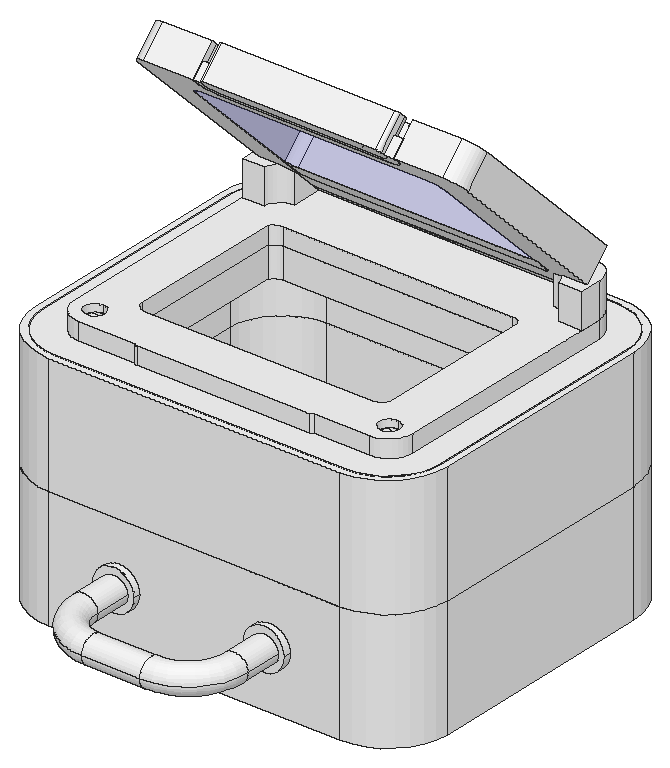
Revit family "Domotics-DomesticRanges-GEWISS-27COMBI_SYSTEM-IP55_FIXING_POST_BRACKET", category Apparecchi elettrici, host Superficie, Revit 2016 (continued)
Definition of nested family "SYSTEM CONTENITORI IP55 3P PALO_BASE"
  Forms (mm)
    Sweep 45, solid, material <- "SCATOLA", detail levels medium+fine
      path in 3D
        loop
          arc (-25.962, 64.422, 17.5) -> (-20.837, 76.796, 17.5) -> (-8.462, 81.922, 17.5) r 17.5
          line (-8.462, 81.922, 17.5) -> (8.538, 81.922, 17.5)
          arc (8.538, 81.922, 17.5) -> (20.912, 76.796, 17.5) -> (26.038, 64.422, 17.5) r 17.5
          line (26.038, 64.422, 17.5) -> (26.038, 52.5, 17.5)
      profile origin (26.038, 58.461, 17.5) x (1, 0, 0) y (0, 0, 1)
        loop
          circle (-4.038, 0) r 4.038
    Extrusion 46, solid, detail levels medium+fine
      sketch origin (0, 0, 0) x (1, 0, 0) y (0, 0, -1)
        loop
          circle (22, -17.5) r 6
      from -53.5 to -51.5
    Extrusion 47, solid, detail levels medium+fine
      sketch origin (0, 0, 0) x (-1, 0, 0) y (0, 0, 1)
        loop
          circle (22, 17.5) r 6
      from -53.5 to -51.5
    Sweep 48, solid, material <- "SCATOLA", detail levels medium+fine
      path in 3D
        loop
          line (-25.962, -52.5, 17.5) -> (-25.962, -64.422, 17.5)
          arc (-25.962, -64.422, 17.5) -> (-20.837, -76.796, 17.5) -> (-8.462, -81.922, 17.5) r 17.5
          line (-8.462, -81.922, 17.5) -> (8.538, -81.922, 17.5)
          arc (8.538, -81.922, 17.5) -> (20.912, -76.796, 17.5) -> (26.038, -64.422, 17.5) r 17.5
          line (26.038, -64.422, 17.5) -> (26.038, -52.5, 17.5)
      profile origin (26.038, -58.461, 17.5) x (-1, 0, 0) y (0, 0, 1)
        loop
          circle (4.038, 0) r 4.038
    Extrusion 49, solid, material <- "SCATOLA", detail levels coarse
      sketch origin (0, 0, 17.5) x (1, 0, 0) y (0, 1, 0)
        loop
          arc (42.5, -51.5) -> (54.874, -46.374) -> (60, -34) r 17.5
          line (60, -34) -> (60, 34)
          arc (60, 34) -> (54.874, 46.374) -> (42.5, 51.5) r 17.5
          line (42.5, 51.5) -> (-42.5, 51.5)
          arc (-42.5, 51.5) -> (-54.874, 46.374) -> (-60, 34) r 17.5
          line (-60, 34) -> (-60, -34)
          arc (-60, -34) -> (-54.874, -46.374) -> (-42.5, -51.5) r 17.5
          line (-42.5, -51.5) -> (42.5, -51.5)
      from -17.5 to 52.5
  Cuts and joins
    joined: Extrusion 1, Extrusion 2
  Lines and regions (mm)
    model lines, detail levels coarse
      curve 1: line (42.5, 51.5, 70) -> (-42.5, 51.5, 70)
      curve 2: line (-60, -34, 70) -> (-60, 34, 70)
      curve 3: arc (-42.5, 51.5, 70) -> (-54.874, 46.374, 70) -> (-60, 34, 70) r 17.5
      curve 4: arc (-60, -34, 70) -> (-54.874, -46.374, 70) -> (-42.5, -51.5, 70) r 17.5
      curve 5: line (42.5, -51.5, 70) -> (-42.5, -51.5, 70)
      curve 6: arc (42.5, -51.5, 70) -> (54.874, -46.374, 70) -> (60, -34, 70) r 17.5
      curve 7: line (60, -34, 70) -> (60, 34, 70)
      curve 8: arc (60, 34, 70) -> (54.874, 46.374, 70) -> (42.5, 51.5, 70) r 17.5
      curve 9: arc (56.306, 34.157, 70) -> (52.271, 43.898, 70) -> (42.529, 47.933, 70) r 13.777
      curve 10: line (42.529, 47.933, 70) -> (-42.496, 47.933, 70)
      curve 11: arc (-42.496, 47.933, 70) -> (-51.949, 44.221, 70) -> (-56.35, 35.067, 70) r 13.891
      curve 12: line (-56.35, -34, 70) -> (-56.35, 35.067, 70)
      curve 13: arc (-56.35, -34, 70) -> (-52.293, -43.793, 70) -> (-42.5, -47.85, 70) r 13.85
      curve 14: line (42.5, -47.85, 70) -> (-42.5, -47.85, 70)
      curve 15: arc (42.5, -47.85, 70) -> (52.675, -43.395, 70) -> (56.306, -32.898, 70) r 13.85
      curve 16: line (56.306, -32.898, 70) -> (56.306, 34.157, 70)
      curve 17: line (49.763, -33.831, 70) -> (49.763, 34.169, 70)
      curve 18: arc (49.763, 34.169, 70) -> (47.713, 39.118, 70) -> (42.763, 41.169, 70) r 7
      curve 19: line (-42.237, 41.169, 70) -> (42.763, 41.169, 70)
      curve 20: arc (-42.237, 41.169, 70) -> (-47.186, 39.118, 70) -> (-49.237, 34.169, 70) r 7
      curve 21: line (-49.237, -33.831, 70) -> (-49.237, 34.169, 70)
      curve 22: arc (-49.237, -33.831, 70) -> (-47.186, -38.781, 70) -> (-42.237, -40.831, 70) r 7
      curve 23: line (-42.237, -40.831, 70) -> (-25.898, -40.831, 70)
      curve 24: arc (-26.037, -40.324, 70) -> (-25.744, -41.031, 70) -> (-25.037, -41.324, 70) r 1
      curve 25: line (-25.037, -41.324, 70) -> (25.563, -41.324, 70)
      curve 26: arc (25.563, -41.324, 70) -> (26.271, -41.031, 70) -> (26.563, -40.324, 70) r 1
      curve 27: line (26.425, -40.831, 70) -> (42.763, -40.831, 70)
      curve 28: arc (42.763, -40.831, 70) -> (47.713, -38.781, 70) -> (49.763, -33.831, 70) r 7
      curve 29: line (26.563, -40.324, 70) -> (26.563, -38.165, 70)
      curve 30: arc (26.563, -38.165, 70) -> (25.685, -36.044, 70) -> (23.563, -35.165, 70) r 3
      curve 31: line (-23.037, -35.165, 70) -> (23.563, -35.165, 70)
      curve 32: arc (-23.037, -35.165, 70) -> (-25.158, -36.044, 70) -> (-26.037, -38.165, 70) r 3
      curve 33: line (-26.037, -40.324, 70) -> (-26.037, -38.165, 70)
      curve 34: circle (-17.337, -38.622, 70) r 1 normal (0, 0, 1)
      curve 35: circle (-8.537, -38.622, 70) r 1 normal (0, 0, 1)
      curve 36: circle (0.263, -38.622, 70) r 1 normal (0, 0, 1)
      curve 37: circle (9.063, -38.622, 70) r 1 normal (0, 0, 1)
      curve 38: circle (17.863, -38.622, 70) r 1 normal (0, 0, 1)
      curve 39: line (-38.5, -39.2, 70) -> (-29.037, -39.2, 70)
      curve 40: arc (-39.5, -38.2, 70) -> (-39.207, -38.907, 70) -> (-38.5, -39.2, 70) r 1
      curve 41: line (-39.5, -38.2, 70) -> (-39.5, -34.5, 70)
      curve 42: arc (-39.5, -34.5, 70) -> (-40.525, -32.025, 70) -> (-43, -31, 70) r 3.5
      curve 43: line (-43, -31, 70) -> (-46.7, -31, 70)
      curve 44: arc (-47.7, -30, 70) -> (-47.407, -30.707, 70) -> (-46.7, -31, 70) r 1
      curve 45: circle (-42.737, -34.331, 70) r 3 normal (0, 0, 1)
      curve 46: line (-44.019, -32.701, 70) -> (-41.455, -35.962, 70)
      curve 47: line (-44.459, -35.652, 70) -> (-41.014, -33.01, 70)
      curve 48: line (-47.7, -30, 70) -> (-47.7, 27.667, 70)
      curve 49: arc (-49.237, 27.637, 70) -> (-46.111, 27.71, 70) -> (-42.986, 27.836, 70) r 185.778
      curve 50: arc (-37.737, 32.513, 70) -> (-41.206, 31.123, 70) -> (-42.986, 27.836, 70) r 5.5
      curve 51: line (-37.737, 32.513, 70) -> (-37.737, 41.169, 70)
      curve 52: circle (-42.737, 34.669, 70) r 3 normal (0, 0, 1)
      curve 53: line (-43.287, 36.669, 70) -> (-42.187, 32.669, 70)
      curve 54: line (-44.837, 34.119, 70) -> (-40.637, 35.219, 70)
      curve 55: arc (38.063, 38.269, 70) -> (0.163, 39.169, 70) -> (-37.737, 38.268, 70) r 798.156
      curve 56: line (38.063, 32.217, 70) -> (38.063, 41.169, 70)
      curve 57: arc (43.264, 27.342, 70) -> (41.631, 30.811, 70) -> (38.063, 32.217, 70) r 5.2
      curve 58: arc (43.264, 27.342, 70) -> (46.513, 27.221, 70) -> (49.763, 27.16, 70) r 177.869
      curve 59: circle (43.263, 34.669, 70) r 3 normal (0, 0, 1)
      curve 60: line (44.578, 32.941, 70) -> (41.949, 36.396, 70)
      curve 61: line (41.628, 33.393, 70) -> (44.899, 35.944, 70)
      curve 62: line (47.7, -30, 70) -> (47.7, 27.192, 70)
      curve 63: arc (46.7, -31, 70) -> (47.407, -30.707, 70) -> (47.7, -30, 70) r 1
      curve 64: line (46.7, -31, 70) -> (43, -31, 70)
      curve 65: arc (43, -31, 70) -> (40.525, -32.025, 70) -> (39.5, -34.5, 70) r 3.5
      curve 66: line (39.5, -38.2, 70) -> (39.5, -34.5, 70)
      curve 67: arc (38.5, -39.2, 70) -> (39.207, -38.907, 70) -> (39.5, -38.2, 70) r 1
      curve 68: circle (43.263, -34.331, 70) r 3 normal (0, 0, 1)
      curve 69: line (42.713, -32.331, 70) -> (43.813, -36.331, 70)
      curve 70: line (41.163, -34.881, 70) -> (45.363, -33.781, 70)
      curve 71: line (38.5, -39.2, 70) -> (29.563, -39.2, 70)
      curve 72: line (-33.5, -27.831, 70) -> (33.5, -27.831, 70)
      curve 73: arc (-36.5, -24.831, 70) -> (-35.621, -26.953, 70) -> (-33.5, -27.831, 70) r 3
      curve 74: line (-36.5, -24.831, 70) -> (-36.5, 27.169, 70)
      curve 75: line (-34.65, 19.669, 70) -> (-34.65, -25.331, 70)
      curve 76: line (-34.65, -25.331, 70) -> (34.65, -25.331, 70)
      curve 77: line (36.5, -24.831, 70) -> (36.5, 27.169, 70)
      curve 78: arc (33.5, -27.831, 70) -> (35.621, -26.953, 70) -> (36.5, -24.831, 70) r 3
      curve 79: arc (36.5, 20.971, 70) -> (35.223, 22.215, 70) -> (33.5, 22.669, 70) r 3.5
      curve 80: line (34.65, 19.669, 70) -> (-34.65, 19.669, 70)
      curve 81: line (-33.5, 22.669, 70) -> (33.5, 22.669, 70)
      curve 82: arc (-33.5, 22.669, 70) -> (-35.223, 22.215, 70) -> (-36.5, 20.971, 70) r 3.5
      curve 83: arc (-33.5, 30.169, 70) -> (-35.621, 29.29, 70) -> (-36.5, 27.169, 70) r 3
      curve 84: line (-33.5, 30.169, 70) -> (33.5, 30.169, 70)
      curve 85: arc (36.5, 27.169, 70) -> (35.621, 29.29, 70) -> (33.5, 30.169, 70) r 3
      curve 86: line (-28, -52.5, 70) -> (-28, -51.5, 70)
      curve 87: line (-16, -52.5, 70) -> (-28, -52.5, 70)
      curve 88: line (-16, -51.5, 70) -> (-16, -52.5, 70)
      curve 89: line (16, -52.5, 70) -> (16, -51.5, 70)
      curve 90: line (28, -52.5, 70) -> (16, -52.5, 70)
      curve 91: line (28, -51.5, 70) -> (28, -52.5, 70)
      curve 92: line (-16.444, -65.422, 70) -> (-16.444, -52.5, 70)
      curve 93: arc (-16.444, -65.422, 70) -> (-16.152, -66.129, 70) -> (-15.444, -66.422, 70) r 1
      curve 94: line (15.52, -66.422, 70) -> (-15.444, -66.422, 70)
      curve 95: arc (15.52, -66.422, 70) -> (16.227, -66.129, 70) -> (16.52, -65.422, 70) r 1
      curve 96: line (16.52, -65.422, 70) -> (16.52, -52.5, 70)
      curve 97: line (26.038, -64.422, 70) -> (26.038, -52.5, 70)
      curve 98: arc (8.538, -81.922, 70) -> (20.912, -76.796, 70) -> (26.038, -64.422, 70) r 17.5
      curve 99: line (8.538, -81.922, 70) -> (-8.462, -81.922, 70)
      curve 100: circle (0.038, -74.922, 70) r 2 normal (0, 0, 1)
      curve 101: arc (-25.962, -64.422, 70) -> (-20.837, -76.796, 70) -> (-8.462, -81.922, 70) r 17.5
      curve 102: line (-25.962, -64.422, 70) -> (-25.962, -52.5, 70)
      curve 103: line (8.538, 81.922, 70) -> (-8.462, 81.922, 70)
      curve 104: arc (-8.462, 81.922, 70) -> (-20.837, 76.796, 70) -> (-25.962, 64.422, 70) r 17.5
      curve 105: arc (26.038, 64.422, 70) -> (20.912, 76.796, 70) -> (8.538, 81.922, 70) r 17.5
      curve 106: line (26.038, 64.422, 70) -> (26.038, 52.5, 70)
      curve 107: line (16.52, 65.422, 70) -> (16.52, 52.5, 70)
      curve 108: arc (16.52, 65.422, 70) -> (16.227, 66.129, 70) -> (15.52, 66.422, 70) r 1
      curve 109: line (15.52, 66.422, 70) -> (-15.444, 66.422, 70)
      curve 110: line (-16.444, 65.422, 70) -> (-16.444, 52.5, 70)
      curve 111: arc (-15.444, 66.422, 70) -> (-16.152, 66.129, 70) -> (-16.444, 65.422, 70) r 1
      curve 112: line (-25.962, 64.422, 70) -> (-25.962, 52.5, 70)
      curve 113: line (28, 52.5, 70) -> (16, 52.5, 70)
      curve 114: line (28, 51.5, 70) -> (28, 52.5, 70)
      curve 115: line (16, 52.5, 70) -> (16, 51.5, 70)
      curve 116: line (-16, 51.5, 70) -> (-16, 52.5, 70)
      curve 117: line (-16, 52.5, 70) -> (-28, 52.5, 70)
      curve 118: line (34.65, -25.331, 70) -> (34.65, 19.669, 70)
      curve 119: line (-29.037, -40.831, 70) -> (-29.037, -37.188, 70)
      curve 120: arc (-24.537, -32.688, 70) -> (-27.719, -34.006, 70) -> (-29.037, -37.188, 70) r 4.5
      curve 121: line (-24.537, -32.688, 70) -> (25.063, -32.688, 70)
      curve 122: arc (29.563, -37.188, 70) -> (28.245, -34.006, 70) -> (25.063, -32.688, 70) r 4.5
      curve 123: line (29.563, -40.831, 70) -> (29.563, -37.188, 70)
      curve 124: line (-28, 52.5, 70) -> (-28, 51.5, 70)
    model lines, not visible
      curve 125: line (42.5, 51.5, 0) -> (-42.5, 51.5, 0)
      curve 126: line (-60, -34, 0) -> (-60, 34, 0)
      curve 127: arc (-42.5, 51.5, 0) -> (-54.874, 46.374, 0) -> (-60, 34, 0) r 17.5
      curve 128: arc (-60, -34, 0) -> (-54.874, -46.374, 0) -> (-42.5, -51.5, 0) r 17.5
      curve 129: line (42.5, -51.5, 0) -> (-42.5, -51.5, 0)
      curve 130: arc (42.5, -51.5, 0) -> (54.874, -46.374, 0) -> (60, -34, 0) r 17.5
      curve 131: line (60, -34, 0) -> (60, 34, 0)
      curve 132: arc (60, 34, 0) -> (54.874, 46.374, 0) -> (42.5, 51.5, 0) r 17.5
      curve 133: arc (56.306, 34.157, 0) -> (52.271, 43.898, 0) -> (42.529, 47.933, 0) r 13.777
      curve 134: line (42.529, 47.933, 0) -> (-42.496, 47.933, 0)
      curve 135: arc (-42.496, 47.933, 0) -> (-51.949, 44.221, 0) -> (-56.35, 35.067, 0) r 13.891
      curve 136: line (-56.35, -34, 0) -> (-56.35, 35.067, 0)
      curve 137: arc (-56.35, -34, 0) -> (-52.293, -43.793, 0) -> (-42.5, -47.85, 0) r 13.85
      curve 138: line (42.5, -47.85, 0) -> (-42.5, -47.85, 0)
      curve 139: arc (42.5, -47.85, 0) -> (52.675, -43.395, 0) -> (56.306, -32.898, 0) r 13.85
      curve 140: line (56.306, -32.898, 0) -> (56.306, 34.157, 0)
      curve 141: line (49.763, -33.831, 0) -> (49.763, 34.169, 0)
      curve 142: arc (49.763, 34.169, 0) -> (47.713, 39.118, 0) -> (42.763, 41.169, 0) r 7
      curve 143: line (-42.237, 41.169, 0) -> (42.763, 41.169, 0)
      curve 144: arc (-42.237, 41.169, 0) -> (-47.186, 39.118, 0) -> (-49.237, 34.169, 0) r 7
      curve 145: line (-49.237, -33.831, 0) -> (-49.237, 34.169, 0)
      curve 146: arc (-49.237, -33.831, 0) -> (-47.186, -38.781, 0) -> (-42.237, -40.831, 0) r 7
      curve 147: line (-42.237, -40.831, 0) -> (-25.898, -40.831, 0)
      curve 148: arc (-26.037, -40.324, 0) -> (-25.744, -41.031, 0) -> (-25.037, -41.324, 0) r 1
      curve 149: line (-25.037, -41.324, 0) -> (25.563, -41.324, 0)
      curve 150: arc (25.563, -41.324, 0) -> (26.271, -41.031, 0) -> (26.563, -40.324, 0) r 1
      curve 151: line (26.425, -40.831, 0) -> (42.763, -40.831, 0)
      curve 152: arc (42.763, -40.831, 0) -> (47.713, -38.781, 0) -> (49.763, -33.831, 0) r 7
      curve 153: line (26.563, -40.324, 0) -> (26.563, -38.165, 0)
      curve 154: arc (26.563, -38.165, 0) -> (25.685, -36.044, 0) -> (23.563, -35.165, 0) r 3
      curve 155: line (-23.037, -35.165, 0) -> (23.563, -35.165, 0)
      curve 156: arc (-23.037, -35.165, 0) -> (-25.158, -36.044, 0) -> (-26.037, -38.165, 0) r 3
      curve 157: line (-26.037, -40.324, 0) -> (-26.037, -38.165, 0)
      curve 158: circle (-17.337, -38.622, 0) r 1 normal (0, 0, 1)
      curve 159: circle (-8.537, -38.622, 0) r 1 normal (0, 0, 1)
      curve 160: circle (0.263, -38.622, 0) r 1 normal (0, 0, 1)
      curve 161: circle (9.063, -38.622, 0) r 1 normal (0, 0, 1)
      curve 162: circle (17.863, -38.622, 0) r 1 normal (0, 0, 1)
      curve 163: line (-38.5, -39.2, 0) -> (-29.037, -39.2, 0)
      curve 164: arc (-39.5, -38.2, 0) -> (-39.207, -38.907, 0) -> (-38.5, -39.2, 0) r 1
      curve 165: line (-39.5, -38.2, 0) -> (-39.5, -34.5, 0)
      curve 166: arc (-39.5, -34.5, 0) -> (-40.525, -32.025, 0) -> (-43, -31, 0) r 3.5
      curve 167: line (-43, -31, 0) -> (-46.7, -31, 0)
      curve 168: arc (-47.7, -30, 0) -> (-47.407, -30.707, 0) -> (-46.7, -31, 0) r 1
      curve 169: circle (-42.737, -34.331, 0) r 3 normal (0, 0, 1)
      curve 170: line (-44.019, -32.701, 0) -> (-41.455, -35.962, 0)
      curve 171: line (-44.459, -35.652, 0) -> (-41.014, -33.01, 0)
      curve 172: line (-47.7, -30, 0) -> (-47.7, 27.667, 0)
      curve 173: arc (-49.237, 27.637, 0) -> (-46.111, 27.71, 0) -> (-42.986, 27.836, 0) r 185.778
      curve 174: arc (-37.737, 32.513, 0) -> (-41.206, 31.123, 0) -> (-42.986, 27.836, 0) r 5.5
      curve 175: line (-37.737, 32.513, 0) -> (-37.737, 41.169, 0)
      curve 176: circle (-42.737, 34.669, 0) r 3 normal (0, 0, 1)
      curve 177: line (-43.287, 36.669, 0) -> (-42.187, 32.669, 0)
      curve 178: line (-44.837, 34.119, 0) -> (-40.637, 35.219, 0)
      curve 179: arc (38.063, 38.269, 0) -> (0.163, 39.169, 0) -> (-37.737, 38.268, 0) r 798.156
      curve 180: line (38.063, 32.217, 0) -> (38.063, 41.169, 0)
      curve 181: arc (43.264, 27.342, 0) -> (41.631, 30.811, 0) -> (38.063, 32.217, 0) r 5.2
      curve 182: arc (43.264, 27.342, 0) -> (46.513, 27.221, 0) -> (49.763, 27.16, 0) r 177.869
      curve 183: circle (43.263, 34.669, 0) r 3 normal (0, 0, 1)
      curve 184: line (44.578, 32.941, 0) -> (41.949, 36.396, 0)
      curve 185: line (41.628, 33.393, 0) -> (44.899, 35.944, 0)
      curve 186: line (47.7, -30, 0) -> (47.7, 27.192, 0)
      curve 187: arc (46.7, -31, 0) -> (47.407, -30.707, 0) -> (47.7, -30, 0) r 1
      curve 188: line (46.7, -31, 0) -> (43, -31, 0)
      curve 189: arc (43, -31, 0) -> (40.525, -32.025, 0) -> (39.5, -34.5, 0) r 3.5
      curve 190: line (39.5, -38.2, 0) -> (39.5, -34.5, 0)
      curve 191: arc (38.5, -39.2, 0) -> (39.207, -38.907, 0) -> (39.5, -38.2, 0) r 1
      curve 192: circle (43.263, -34.331, 0) r 3 normal (0, 0, 1)
      curve 193: line (42.713, -32.331, 0) -> (43.813, -36.331, 0)
      curve 194: line (41.163, -34.881, 0) -> (45.363, -33.781, 0)
      curve 195: line (38.5, -39.2, 0) -> (29.563, -39.2, 0)
      curve 196: line (-33.5, -27.831, 0) -> (33.5, -27.831, 0)
      curve 197: arc (-36.5, -24.831, 0) -> (-35.621, -26.953, 0) -> (-33.5, -27.831, 0) r 3
      curve 198: line (-36.5, -24.831, 0) -> (-36.5, 27.169, 0)
      curve 199: line (-34.65, 19.669, 0) -> (-34.65, -25.331, 0)
      curve 200: line (-34.65, -25.331, 0) -> (34.65, -25.331, 0)
      curve 201: line (36.5, -24.831, 0) -> (36.5, 27.169, 0)
      curve 202: arc (33.5, -27.831, 0) -> (35.621, -26.953, 0) -> (36.5, -24.831, 0) r 3
      curve 203: arc (36.5, 20.971, 0) -> (35.223, 22.215, 0) -> (33.5, 22.669, 0) r 3.5
      curve 204: line (34.65, 19.669, 0) -> (-34.65, 19.669, 0)
      curve 205: line (-33.5, 22.669, 0) -> (33.5, 22.669, 0)
      curve 206: arc (-33.5, 22.669, 0) -> (-35.223, 22.215, 0) -> (-36.5, 20.971, 0) r 3.5
      curve 207: arc (-33.5, 30.169, 0) -> (-35.621, 29.29, 0) -> (-36.5, 27.169, 0) r 3
      curve 208: line (-33.5, 30.169, 0) -> (33.5, 30.169, 0)
      curve 209: arc (36.5, 27.169, 0) -> (35.621, 29.29, 0) -> (33.5, 30.169, 0) r 3
      curve 210: line (-28, -52.5, 0) -> (-28, -51.5, 0)
      curve 211: line (-16, -52.5, 0) -> (-28, -52.5, 0)
      curve 212: line (-16, -51.5, 0) -> (-16, -52.5, 0)
      curve 213: line (16, -52.5, 0) -> (16, -51.5, 0)
      curve 214: line (28, -52.5, 0) -> (16, -52.5, 0)
      curve 215: line (28, -51.5, 0) -> (28, -52.5, 0)
      curve 216: line (-16.444, -65.422, 0) -> (-16.444, -52.5, 0)
      curve 217: arc (-16.444, -65.422, 0) -> (-16.152, -66.129, 0) -> (-15.444, -66.422, 0) r 1
      curve 218: line (15.52, -66.422, 0) -> (-15.444, -66.422, 0)
      curve 219: arc (15.52, -66.422, 0) -> (16.227, -66.129, 0) -> (16.52, -65.422, 0) r 1
      curve 220: line (16.52, -65.422, 0) -> (16.52, -52.5, 0)
      curve 221: line (26.038, -64.422, 0) -> (26.038, -52.5, 0)
      curve 222: arc (8.538, -81.922, 0) -> (20.912, -76.796, 0) -> (26.038, -64.422, 0) r 17.5
      curve 223: line (8.538, -81.922, 0) -> (-8.462, -81.922, 0)
      curve 224: circle (0.038, -74.922, 0) r 2 normal (0, 0, 1)
      curve 225: arc (-25.962, -64.422, 0) -> (-20.837, -76.796, 0) -> (-8.462, -81.922, 0) r 17.5
      curve 226: line (-25.962, -64.422, 0) -> (-25.962, -52.5, 0)
      curve 227: line (8.538, 81.922, 0) -> (-8.462, 81.922, 0)
      curve 228: arc (-8.462, 81.922, 0) -> (-20.837, 76.796, 0) -> (-25.962, 64.422, 0) r 17.5
      curve 229: arc (26.038, 64.422, 0) -> (20.912, 76.796, 0) -> (8.538, 81.922, 0) r 17.5
      curve 230: line (26.038, 64.422, 0) -> (26.038, 52.5, 0)
      curve 231: line (16.52, 65.422, 0) -> (16.52, 52.5, 0)
      curve 232: arc (16.52, 65.422, 0) -> (16.227, 66.129, 0) -> (15.52, 66.422, 0) r 1
      curve 233: line (15.52, 66.422, 0) -> (-15.444, 66.422, 0)
      curve 234: line (-16.444, 65.422, 0) -> (-16.444, 52.5, 0)
      curve 235: arc (-15.444, 66.422, 0) -> (-16.152, 66.129, 0) -> (-16.444, 65.422, 0) r 1
      curve 236: line (-25.962, 64.422, 0) -> (-25.962, 52.5, 0)
      curve 237: line (28, 52.5, 0) -> (16, 52.5, 0)
      curve 238: line (28, 51.5, 0) -> (28, 52.5, 0)
      curve 239: line (16, 52.5, 0) -> (16, 51.5, 0)
      curve 240: line (-16, 51.5, 0) -> (-16, 52.5, 0)
      curve 241: line (-16, 52.5, 0) -> (-28, 52.5, 0)
      curve 242: line (34.65, -25.331, 0) -> (34.65, 19.669, 0)
      curve 243: line (-29.037, -40.831, 0) -> (-29.037, -37.188, 0)
      curve 244: arc (-24.537, -32.688, 0) -> (-27.719, -34.006, 0) -> (-29.037, -37.188, 0) r 4.5
      curve 245: line (-24.537, -32.688, 0) -> (25.063, -32.688, 0)
      curve 246: arc (29.563, -37.188, 0) -> (28.245, -34.006, 0) -> (25.063, -32.688, 0) r 4.5
      curve 247: line (29.563, -40.831, 0) -> (29.563, -37.188, 0)
      curve 248: line (-28, 52.5, 0) -> (-28, 51.5, 0)
    model lines, not visible, detail levels coarse
      curve 249: line (42.5, 51.5, 222.5) -> (-42.5, 51.5, 222.5)
      curve 250: line (-60, -34, 222.5) -> (-60, 34, 222.5)
      curve 251: arc (-42.5, 51.5, 222.5) -> (-54.874, 46.374, 222.5) -> (-60, 34, 222.5) r 17.5
      curve 252: arc (-60, -34, 222.5) -> (-54.874, -46.374, 222.5) -> (-42.5, -51.5, 222.5) r 17.5
      curve 253: line (42.5, -51.5, 222.5) -> (-42.5, -51.5, 222.5)
      curve 254: arc (42.5, -51.5, 222.5) -> (54.874, -46.374, 222.5) -> (60, -34, 222.5) r 17.5
      curve 255: line (60, -34, 222.5) -> (60, 34, 222.5)
      curve 256: arc (60, 34, 222.5) -> (54.874, 46.374, 222.5) -> (42.5, 51.5, 222.5) r 17.5
      curve 257: arc (56.306, 34.157, 222.5) -> (52.271, 43.898, 222.5) -> (42.529, 47.933, 222.5) r 13.777
      curve 258: line (42.529, 47.933, 222.5) -> (-42.496, 47.933, 222.5)
      curve 259: arc (-42.496, 47.933, 222.5) -> (-51.949, 44.221, 222.5) -> (-56.35, 35.067, 222.5) r 13.891
      curve 260: line (-56.35, -34, 222.5) -> (-56.35, 35.067, 222.5)
      curve 261: arc (-56.35, -34, 222.5) -> (-52.293, -43.793, 222.5) -> (-42.5, -47.85, 222.5) r 13.85
      curve 262: line (42.5, -47.85, 222.5) -> (-42.5, -47.85, 222.5)
      curve 263: arc (42.5, -47.85, 222.5) -> (52.675, -43.395, 222.5) -> (56.306, -32.898, 222.5) r 13.85
      curve 264: line (56.306, -32.898, 222.5) -> (56.306, 34.157, 222.5)
      curve 265: line (49.763, -33.831, 222.5) -> (49.763, 34.169, 222.5)
      curve 266: arc (49.763, 34.169, 222.5) -> (47.713, 39.118, 222.5) -> (42.763, 41.169, 222.5) r 7
      curve 267: line (-42.237, 41.169, 222.5) -> (42.763, 41.169, 222.5)
      curve 268: arc (-42.237, 41.169, 222.5) -> (-47.186, 39.118, 222.5) -> (-49.237, 34.169, 222.5) r 7
      curve 269: line (-49.237, -33.831, 222.5) -> (-49.237, 34.169, 222.5)
      curve 270: arc (-49.237, -33.831, 222.5) -> (-47.186, -38.781, 222.5) -> (-42.237, -40.831, 222.5) r 7
      curve 271: line (-42.237, -40.831, 222.5) -> (-25.898, -40.831, 222.5)
      curve 272: arc (-26.037, -40.324, 222.5) -> (-25.744, -41.031, 222.5) -> (-25.037, -41.324, 222.5) r 1
      curve 273: line (-25.037, -41.324, 222.5) -> (25.563, -41.324, 222.5)
      curve 274: arc (25.563, -41.324, 222.5) -> (26.271, -41.031, 222.5) -> (26.563, -40.324, 222.5) r 1
      curve 275: line (26.425, -40.831, 222.5) -> (42.763, -40.831, 222.5)
      curve 276: arc (42.763, -40.831, 222.5) -> (47.713, -38.781, 222.5) -> (49.763, -33.831, 222.5) r 7
      curve 277: line (26.563, -40.324, 222.5) -> (26.563, -38.165, 222.5)
      curve 278: arc (26.563, -38.165, 222.5) -> (25.685, -36.044, 222.5) -> (23.563, -35.165, 222.5) r 3
      curve 279: line (-23.037, -35.165, 222.5) -> (23.563, -35.165, 222.5)
      curve 280: arc (-23.037, -35.165, 222.5) -> (-25.158, -36.044, 222.5) -> (-26.037, -38.165, 222.5) r 3
      curve 281: line (-26.037, -40.324, 222.5) -> (-26.037, -38.165, 222.5)
      curve 282: circle (-17.337, -38.622, 222.5) r 1 normal (0, 0, 1)
      curve 283: circle (-8.537, -38.622, 222.5) r 1 normal (0, 0, 1)
      curve 284: circle (0.263, -38.622, 222.5) r 1 normal (0, 0, 1)
      curve 285: circle (9.063, -38.622, 222.5) r 1 normal (0, 0, 1)
      curve 286: circle (17.863, -38.622, 222.5) r 1 normal (0, 0, 1)
      curve 287: line (-38.5, -39.2, 222.5) -> (-29.037, -39.2, 222.5)
      curve 288: arc (-39.5, -38.2, 222.5) -> (-39.207, -38.907, 222.5) -> (-38.5, -39.2, 222.5) r 1
      curve 289: line (-39.5, -38.2, 222.5) -> (-39.5, -34.5, 222.5)
      curve 290: arc (-39.5, -34.5, 222.5) -> (-40.525, -32.025, 222.5) -> (-43, -31, 222.5) r 3.5
      curve 291: line (-43, -31, 222.5) -> (-46.7, -31, 222.5)
      curve 292: arc (-47.7, -30, 222.5) -> (-47.407, -30.707, 222.5) -> (-46.7, -31, 222.5) r 1
      curve 293: circle (-42.737, -34.331, 222.5) r 3 normal (0, 0, 1)
      curve 294: line (-44.019, -32.701, 222.5) -> (-41.455, -35.962, 222.5)
      curve 295: line (-44.459, -35.652, 222.5) -> (-41.014, -33.01, 222.5)
      curve 296: line (-47.7, -30, 222.5) -> (-47.7, 27.667, 222.5)
      curve 297: arc (-49.237, 27.637, 222.5) -> (-46.111, 27.71, 222.5) -> (-42.986, 27.836, 222.5) r 185.778
      curve 298: arc (-37.737, 32.513, 222.5) -> (-41.206, 31.123, 222.5) -> (-42.986, 27.836, 222.5) r 5.5
      curve 299: line (-37.737, 32.513, 222.5) -> (-37.737, 41.169, 222.5)
      curve 300: circle (-42.737, 34.669, 222.5) r 3 normal (0, 0, 1)
      curve 301: line (-43.287, 36.669, 222.5) -> (-42.187, 32.669, 222.5)
      curve 302: line (-44.837, 34.119, 222.5) -> (-40.637, 35.219, 222.5)
      curve 303: arc (38.063, 38.269, 222.5) -> (0.163, 39.169, 222.5) -> (-37.737, 38.268, 222.5) r 798.156
      curve 304: line (38.063, 32.217, 222.5) -> (38.063, 41.169, 222.5)
      curve 305: arc (43.264, 27.342, 222.5) -> (41.631, 30.811, 222.5) -> (38.063, 32.217, 222.5) r 5.2
      curve 306: arc (43.264, 27.342, 222.5) -> (46.513, 27.221, 222.5) -> (49.763, 27.16, 222.5) r 177.869
      curve 307: circle (43.263, 34.669, 222.5) r 3 normal (0, 0, 1)
      curve 308: line (44.578, 32.941, 222.5) -> (41.949, 36.396, 222.5)
      curve 309: line (41.628, 33.393, 222.5) -> (44.899, 35.944, 222.5)
      curve 310: line (47.7, -30, 222.5) -> (47.7, 27.192, 222.5)
      curve 311: arc (46.7, -31, 222.5) -> (47.407, -30.707, 222.5) -> (47.7, -30, 222.5) r 1
      curve 312: line (46.7, -31, 222.5) -> (43, -31, 222.5)
      curve 313: arc (43, -31, 222.5) -> (40.525, -32.025, 222.5) -> (39.5, -34.5, 222.5) r 3.5
      curve 314: line (39.5, -38.2, 222.5) -> (39.5, -34.5, 222.5)
      curve 315: arc (38.5, -39.2, 222.5) -> (39.207, -38.907, 222.5) -> (39.5, -38.2, 222.5) r 1
      curve 316: circle (43.263, -34.331, 222.5) r 3 normal (0, 0, 1)
      curve 317: line (42.713, -32.331, 222.5) -> (43.813, -36.331, 222.5)
      curve 318: line (41.163, -34.881, 222.5) -> (45.363, -33.781, 222.5)
      curve 319: line (38.5, -39.2, 222.5) -> (29.563, -39.2, 222.5)
      curve 320: line (-33.5, -27.831, 222.5) -> (33.5, -27.831, 222.5)
      curve 321: arc (-36.5, -24.831, 222.5) -> (-35.621, -26.953, 222.5) -> (-33.5, -27.831, 222.5) r 3
      curve 322: line (-36.5, -24.831, 222.5) -> (-36.5, 27.169, 222.5)
      curve 323: line (-34.65, 19.669, 222.5) -> (-34.65, -25.331, 222.5)
      curve 324: line (-34.65, -25.331, 222.5) -> (34.65, -25.331, 222.5)
      curve 325: line (36.5, -24.831, 222.5) -> (36.5, 27.169, 222.5)
      curve 326: arc (33.5, -27.831, 222.5) -> (35.621, -26.953, 222.5) -> (36.5, -24.831, 222.5) r 3
      curve 327: arc (36.5, 20.971, 222.5) -> (35.223, 22.215, 222.5) -> (33.5, 22.669, 222.5) r 3.5
      curve 328: line (34.65, 19.669, 222.5) -> (-34.65, 19.669, 222.5)
      curve 329: line (-33.5, 22.669, 222.5) -> (33.5, 22.669, 222.5)
      curve 330: arc (-33.5, 22.669, 222.5) -> (-35.223, 22.215, 222.5) -> (-36.5, 20.971, 222.5) r 3.5
      curve 331: arc (-33.5, 30.169, 222.5) -> (-35.621, 29.29, 222.5) -> (-36.5, 27.169, 222.5) r 3
      curve 332: line (-33.5, 30.169, 222.5) -> (33.5, 30.169, 222.5)
      curve 333: arc (36.5, 27.169, 222.5) -> (35.621, 29.29, 222.5) -> (33.5, 30.169, 222.5) r 3
      curve 334: line (-28, -52.5, 222.5) -> (-28, -51.5, 222.5)
      curve 335: line (-16, -52.5, 222.5) -> (-28, -52.5, 222.5)
      curve 336: line (-16, -51.5, 222.5) -> (-16, -52.5, 222.5)
      curve 337: line (16, -52.5, 222.5) -> (16, -51.5, 222.5)
      curve 338: line (28, -52.5, 222.5) -> (16, -52.5, 222.5)
      curve 339: line (28, -51.5, 222.5) -> (28, -52.5, 222.5)
      curve 340: line (-16.444, -65.422, 222.5) -> (-16.444, -52.5, 222.5)
      curve 341: arc (-16.444, -65.422, 222.5) -> (-16.152, -66.129, 222.5) -> (-15.444, -66.422, 222.5) r 1
      curve 342: line (15.52, -66.422, 222.5) -> (-15.444, -66.422, 222.5)
      curve 343: arc (15.52, -66.422, 222.5) -> (16.227, -66.129, 222.5) -> (16.52, -65.422, 222.5) r 1
      curve 344: line (16.52, -65.422, 222.5) -> (16.52, -52.5, 222.5)
      curve 345: line (26.038, -64.422, 222.5) -> (26.038, -52.5, 222.5)
      curve 346: arc (8.538, -81.922, 222.5) -> (20.912, -76.796, 222.5) -> (26.038, -64.422, 222.5) r 17.5
      curve 347: line (8.538, -81.922, 222.5) -> (-8.462, -81.922, 222.5)
      curve 348: circle (0.038, -74.922, 222.5) r 2 normal (0, 0, 1)
      curve 349: arc (-25.962, -64.422, 222.5) -> (-20.837, -76.796, 222.5) -> (-8.462, -81.922, 222.5) r 17.5
      curve 350: line (-25.962, -64.422, 222.5) -> (-25.962, -52.5, 222.5)
      curve 351: line (8.538, 81.922, 222.5) -> (-8.462, 81.922, 222.5)
      curve 352: arc (-8.462, 81.922, 222.5) -> (-20.837, 76.796, 222.5) -> (-25.962, 64.422, 222.5) r 17.5
      curve 353: arc (26.038, 64.422, 222.5) -> (20.912, 76.796, 222.5) -> (8.538, 81.922, 222.5) r 17.5
      curve 354: line (26.038, 64.422, 222.5) -> (26.038, 52.5, 222.5)
      curve 355: line (16.52, 65.422, 222.5) -> (16.52, 52.5, 222.5)
      curve 356: arc (16.52, 65.422, 222.5) -> (16.227, 66.129, 222.5) -> (15.52, 66.422, 222.5) r 1
      curve 357: line (15.52, 66.422, 222.5) -> (-15.444, 66.422, 222.5)
      curve 358: line (-16.444, 65.422, 222.5) -> (-16.444, 52.5, 222.5)
      curve 359: arc (-15.444, 66.422, 222.5) -> (-16.152, 66.129, 222.5) -> (-16.444, 65.422, 222.5) r 1
      curve 360: line (-25.962, 64.422, 222.5) -> (-25.962, 52.5, 222.5)
      curve 361: line (28, 52.5, 222.5) -> (16, 52.5, 222.5)
      curve 362: line (28, 51.5, 222.5) -> (28, 52.5, 222.5)
      curve 363: line (16, 52.5, 222.5) -> (16, 51.5, 222.5)
      curve 364: line (-16, 51.5, 222.5) -> (-16, 52.5, 222.5)
      curve 365: line (-16, 52.5, 222.5) -> (-28, 52.5, 222.5)
      curve 366: line (34.65, -25.331, 222.5) -> (34.65, 19.669, 222.5)
      curve 367: line (-29.037, -40.831, 222.5) -> (-29.037, -37.188, 222.5)
      curve 368: arc (-24.537, -32.688, 222.5) -> (-27.719, -34.006, 222.5) -> (-29.037, -37.188, 222.5) r 4.5
      curve 369: line (-24.537, -32.688, 222.5) -> (25.063, -32.688, 222.5)
      curve 370: arc (29.563, -37.188, 222.5) -> (28.245, -34.006, 222.5) -> (25.063, -32.688, 222.5) r 4.5
      curve 371: line (29.563, -40.831, 222.5) -> (29.563, -37.188, 222.5)
      curve 372: line (-28, 52.5, 222.5) -> (-28, 51.5, 222.5)
    sketch lines
      curve 373: line (37.737, 41.169, 75) -> (0, 41.169, 75)
      curve 374: line (-37.737, 41.169, 75) -> (0, 41.169, 75)
      curve 377: line (37.737, 41.169, 75) -> (0, 41.169, 75)
      curve 378: line (-37.737, 41.169, 75) -> (0, 41.169, 75)
      curve 381: line (26.038, 64.422, 17.5) -> (26.038, 52.5, 17.5)
      curve 382: arc (26.038, 64.422, 17.5) -> (20.912, 76.796, 17.5) -> (8.538, 81.922, 17.5) r 17.5
      curve 383: line (8.538, 81.922, 17.5) -> (-8.462, 81.922, 17.5)
      curve 384: arc (-8.462, 81.922, 17.5) -> (-20.837, 76.796, 17.5) -> (-25.962, 64.422, 17.5) r 17.5
      curve 385: line (-25.962, 64.422, 17.5) -> (-25.962, 52.5, 17.5)
      curve 386: line (26.038, -64.422, 17.5) -> (26.038, -52.5, 17.5)
      curve 387: arc (26.038, -64.422, 17.5) -> (20.912, -76.796, 17.5) -> (8.538, -81.922, 17.5) r 17.5
      curve 388: line (8.538, -81.922, 17.5) -> (-8.462, -81.922, 17.5)
      curve 389: arc (-8.462, -81.922, 17.5) -> (-20.837, -76.796, 17.5) -> (-25.962, -64.422, 17.5) r 17.5
      curve 390: line (-25.962, -64.422, 17.5) -> (-25.962, -52.5, 17.5)
    sketch lines, not visible
      curve 375: line (37.737, 41.169, 75) -> (0, 41.169, 75)
      curve 376: line (-37.737, 41.169, 75) -> (0, 41.169, 75)
      curve 379: line (-100.757, -146.049, 47.299) -> (-138.493, -146.049, 47.299)
      curve 380: line (-176.23, -146.049, 47.299) -> (-138.493, -146.049, 47.299)
  Dimensions and locks
    equal spacing: plane 4, plane 3 "Centro (Sinistra/Destra)", plane 5
    "Larghezza scatola": plane 4 to plane 5
    equal spacing: plane 6, plane 1 "Centro (Fronte/Retro)", plane 7
    "Altezza scatola": plane 6 to plane 7
    plane 9 to plane 11 "PIANO BIDIMENSIONALE" = 5 mm
    equal spacing: plane 11 "PIANO BIDIMENSIONALE", plane 8, level
    equal spacing: level, plane 15 "2", plane 8
    equal spacing: plane 14, plane 16, plane 13
    aligned and locked: level to plane 2
    aligned and locked: Extrusion 1 sketch curve to curve 1
    aligned and locked: Extrusion 1 sketch curve to curve 2
    aligned and locked: Extrusion 1 sketch curve to curve 5
    aligned and locked: Extrusion 1 sketch curve to curve 7
    aligned and locked: Extrusion 1 to level
    aligned and locked: Extrusion 2 to level
    aligned and locked: plane 8 to Extrusion 1
    aligned and locked: cut or joined group of Extrusion 1, Extrusion 2 to Extrusion 3 sketch curve
    aligned and locked: Extrusion 3 sketch curve to cut or joined group of Extrusion 1, Extrusion 2  (x2)
    aligned and locked: plane 6 to Extrusion 3 sketch curve
    aligned and locked: Extrusion 3 to cut or joined group of Extrusion 1, Extrusion 2
    aligned and locked: Extrusion 5 to Extrusion 4
    aligned and locked: Extrusion 6 to Extrusion 4
    aligned and locked: Extrusion 7 sketch curve to Extrusion 5  (x2)
    aligned and locked: Extrusion 5 to Extrusion 7 sketch curve
    aligned and locked: Extrusion 7 to Extrusion 4
    aligned and locked: Extrusion 9 to Revolve 8
    aligned and locked: Revolve 10 to Extrusion 11
    aligned and locked: Extrusion 14 to Extrusion 4
    aligned and locked: Revolve 8 sketch curve to Extrusion 9
    aligned and locked: Extrusion 11 to Revolve 10 sketch curve
    aligned and locked: Extrusion 4 to plane 11 "PIANO BIDIMENSIONALE"
    aligned and locked: Extrusion 4 to Extrusion 13
    aligned and locked: Extrusion 4 to Extrusion 12
    aligned and locked: Extrusion 4 to Extrusion 11
    aligned and locked: plane 12 to Extrusion 13
    aligned and locked: Extrusion 12 to Extrusion 13
    aligned and locked: plane 9 to Extrusion 4
    aligned and locked: Extrusion 15 to Extrusion 4
    aligned and locked: Extrusion 5 to Extrusion 15
    aligned and locked: SweptBlend 16 sketch curve to Extrusion 5
    aligned and locked: Extrusion 18 to plane 9
    aligned and locked: Extrusion 21 sketch curve to Extrusion 19  (x2)
    aligned and locked: Extrusion 19 to Extrusion 21 sketch curve
    aligned and locked: SweptBlend 23 sketch curve to Extrusion 19
    aligned and locked: Extrusion 28 sketch curve to Extrusion 26  (x2)
    aligned and locked: Extrusion 26 to Extrusion 28 sketch curve
    aligned and locked: SweptBlend 30 sketch curve to Extrusion 26
    aligned and locked: Extrusion 35 sketch curve to Extrusion 33  (x2)
    aligned and locked: Extrusion 33 to Extrusion 35 sketch curve
    aligned and locked: SweptBlend 37 sketch curve to Extrusion 33
    aligned and locked: Extrusion 4 sketch curve to curve 81
    aligned and locked: Extrusion 3 to Extrusion 4
    aligned and locked: Revolve 40 sketch curve to Extrusion 12
    aligned and locked: Extrusion 13 to Revolve 41 sketch curve
    aligned and locked: Extrusion 3 to Extrusion 42
    aligned and locked: Extrusion 43 to plane 6
    aligned and locked: Extrusion 49 sketch curve to Extrusion 3  (x2)
    aligned and locked: Extrusion 49 sketch curve to plane 7
    aligned and locked: plane 5 to Extrusion 49 sketch curve
    aligned and locked: Extrusion 49 to level
    aligned and locked: Extrusion 49 to curve 2
  Automatic sketch dimensions
    Extrusion 5 sketch curve to Extrusion 5 sketch curve = 0 mm
    Extrusion 5 sketch curve to Extrusion 5 sketch curve = 3 mm  (x3)
    Extrusion 5 sketch curve to Extrusion 5 sketch curve = 0.152 mm  (x2)
    Extrusion 5 sketch curve to Extrusion 5 sketch curve = 4.857 mm
    Extrusion 5 sketch curve to Extrusion 5 sketch curve = 4.5 mm  (x2)
    Extrusion 5 sketch curve to Extrusion 5 sketch curve = 2.012 mm  (x2)
    Extrusion 5 sketch curve to Extrusion 5 sketch curve = 9.963 mm
    Extrusion 5 sketch curve to Extrusion 5 sketch curve = 0.189 mm
    Extrusion 5 sketch curve to Extrusion 5 sketch curve = 14.395 mm  (x2)
    Extrusion 5 sketch curve to Extrusion 5 sketch curve = 4.237 mm
    Extrusion 5 sketch curve to Extrusion 5 sketch curve = 1.048 mm  (x2)
    Extrusion 6 sketch curve to Extrusion 6 sketch curve = 3 mm  (x2)
    Extrusion 6 sketch curve to Extrusion 6 sketch curve = 4.5 mm
    Extrusion 6 sketch curve to Extrusion 6 sketch curve = 1.697 mm  (x2)
    Extrusion 6 sketch curve to Extrusion 6 sketch curve = 3.5 mm
    Extrusion 6 sketch curve to Extrusion 6 sketch curve = 1.803 mm
    Extrusion 7 sketch curve to Extrusion 7 sketch curve = 3 mm  (x2)
    Extrusion 7 sketch curve to Extrusion 7 sketch curve = 1.803 mm  (x2)
    Extrusion 7 sketch curve to Extrusion 7 sketch curve = 1.697 mm
    Extrusion 14 sketch curve to Extrusion 14 sketch curve = 3 mm  (x2)
    Extrusion 14 sketch curve to Extrusion 14 sketch curve = 2.158 mm  (x2)
    Extrusion 14 sketch curve to Extrusion 14 sketch curve = 1 mm
    SweptBlend 16 sketch curve to profile plane = 0 mm  (x4)
    SweptBlend 16 sketch curve to profile plane = 5.776 mm
    SweptBlend 16 sketch curve to SweptBlend 16 sketch curve = 5 mm
    SweptBlend 16 sketch curve to profile plane = 2 mm
    SweptBlend 16 sketch curve to SweptBlend 16 sketch curve = 5.25 mm
    profile plane to SweptBlend 16 sketch curve = 5 mm
    SweptBlend 17 sketch curve to profile plane = 0 mm  (x4)
    profile plane to SweptBlend 17 sketch curve = 2.885 mm
    SweptBlend 17 sketch curve to SweptBlend 17 sketch curve = 2.891 mm
    profile plane to SweptBlend 17 sketch curve = 5 mm  (x2)
    profile plane to SweptBlend 17 sketch curve = 2 mm
    SweptBlend 17 sketch curve to SweptBlend 17 sketch curve = 7.25 mm
    Extrusion 18 sketch curve to Extrusion 18 sketch curve = 2.012 mm
    Extrusion 18 sketch curve to Extrusion 18 sketch curve = 4.5 mm  (x2)
    Extrusion 5 sketch curve to Extrusion 5 sketch curve = 9.633 mm
    Extrusion 5 sketch curve to Extrusion 5 sketch curve = 9.932 mm
    Extrusion 5 sketch curve to Extrusion 5 sketch curve = 5.369 mm  (x2)
    Extrusion 5 sketch curve to Extrusion 5 sketch curve = 1.195 mm  (x2)
    Extrusion 5 sketch curve to Extrusion 5 sketch curve = 0.819 mm
    Extrusion 5 sketch curve to Extrusion 5 sketch curve = 0.182 mm
    Extrusion 5 sketch curve to Extrusion 5 sketch curve = 175.11 mm
    Extrusion 5 sketch curve to Extrusion 5 sketch curve = 0.016 mm
    Extrusion 5 sketch curve to Extrusion 5 sketch curve = 5.771 mm
    Extrusion 5 sketch curve to Extrusion 5 sketch curve = 5.755 mm
    Extrusion 5 sketch curve to Extrusion 5 sketch curve = 2.345 mm
    Extrusion 5 sketch curve to Extrusion 5 sketch curve = 0.65 mm
    Extrusion 5 sketch curve to Extrusion 5 sketch curve = 51.848 mm
    Extrusion 5 sketch curve to Extrusion 5 sketch curve = 719.788 mm
    Extrusion 5 sketch curve to Extrusion 5 sketch curve = 4.315 mm
    Extrusion 5 sketch curve to Extrusion 5 sketch curve = 29.207 mm
    Extrusion 5 sketch curve to Extrusion 5 sketch curve = 8.437 mm
    Extrusion 6 sketch curve to Extrusion 6 sketch curve = 67 mm
    Extrusion 7 sketch curve to Extrusion 7 sketch curve = 44 mm
    Extrusion 7 sketch curve to Extrusion 7 sketch curve = 3.5 mm
    Extrusion 14 sketch curve to Extrusion 14 sketch curve = 46.6 mm
    Extrusion 18 sketch curve to Extrusion 18 sketch curve = 49.6 mm
    Extrusion 19 sketch curve to Extrusion 19 sketch curve = 0 mm
    Extrusion 19 sketch curve to Extrusion 19 sketch curve = 3 mm  (x3)
    Extrusion 19 sketch curve to Extrusion 19 sketch curve = 0.152 mm  (x2)
    Extrusion 19 sketch curve to Extrusion 19 sketch curve = 4.857 mm
    Extrusion 19 sketch curve to Extrusion 19 sketch curve = 4.5 mm  (x2)
    Extrusion 19 sketch curve to Extrusion 19 sketch curve = 2.012 mm  (x2)
    Extrusion 19 sketch curve to Extrusion 19 sketch curve = 9.963 mm
    Extrusion 19 sketch curve to Extrusion 19 sketch curve = 0.189 mm
    Extrusion 19 sketch curve to Extrusion 19 sketch curve = 14.395 mm  (x2)
    Extrusion 19 sketch curve to Extrusion 19 sketch curve = 4.237 mm
    Extrusion 19 sketch curve to Extrusion 19 sketch curve = 1.048 mm  (x2)
    Extrusion 20 sketch curve to Extrusion 20 sketch curve = 3 mm  (x2)
    Extrusion 20 sketch curve to Extrusion 20 sketch curve = 4.5 mm
    Extrusion 20 sketch curve to Extrusion 20 sketch curve = 1.697 mm  (x2)
    Extrusion 20 sketch curve to Extrusion 20 sketch curve = 3.5 mm
    Extrusion 20 sketch curve to Extrusion 20 sketch curve = 1.803 mm
    Extrusion 21 sketch curve to Extrusion 21 sketch curve = 3 mm  (x2)
    Extrusion 21 sketch curve to Extrusion 21 sketch curve = 1.803 mm  (x2)
    Extrusion 21 sketch curve to Extrusion 21 sketch curve = 1.697 mm
    Extrusion 22 sketch curve to Extrusion 22 sketch curve = 3 mm  (x2)
    Extrusion 22 sketch curve to Extrusion 22 sketch curve = 2.158 mm  (x2)
    Extrusion 22 sketch curve to Extrusion 22 sketch curve = 1 mm
    SweptBlend 23 sketch curve to profile plane = 0 mm  (x4)
    SweptBlend 23 sketch curve to profile plane = 5.776 mm
    SweptBlend 23 sketch curve to SweptBlend 23 sketch curve = 5 mm
    SweptBlend 23 sketch curve to profile plane = 2 mm
    SweptBlend 23 sketch curve to SweptBlend 23 sketch curve = 5.25 mm
    profile plane to SweptBlend 23 sketch curve = 5 mm
    SweptBlend 24 sketch curve to profile plane = 0 mm  (x4)
    profile plane to SweptBlend 24 sketch curve = 2.885 mm
    SweptBlend 24 sketch curve to SweptBlend 24 sketch curve = 2.891 mm
    profile plane to SweptBlend 24 sketch curve = 5 mm  (x2)
    profile plane to SweptBlend 24 sketch curve = 2 mm
    SweptBlend 24 sketch curve to SweptBlend 24 sketch curve = 7.25 mm
    Extrusion 25 sketch curve to Extrusion 25 sketch curve = 2.012 mm
    Extrusion 25 sketch curve to Extrusion 25 sketch curve = 4.5 mm  (x2)
    Extrusion 19 sketch curve to Extrusion 19 sketch curve = 9.633 mm
    Extrusion 19 sketch curve to Extrusion 19 sketch curve = 9.932 mm
    Extrusion 19 sketch curve to Extrusion 19 sketch curve = 5.369 mm  (x2)
    Extrusion 19 sketch curve to Extrusion 19 sketch curve = 1.195 mm  (x2)
    Extrusion 19 sketch curve to Extrusion 19 sketch curve = 0.819 mm
    Extrusion 19 sketch curve to Extrusion 19 sketch curve = 0.182 mm
    Extrusion 19 sketch curve to Extrusion 19 sketch curve = 175.11 mm
    Extrusion 19 sketch curve to Extrusion 19 sketch curve = 0.016 mm
    Extrusion 19 sketch curve to Extrusion 19 sketch curve = 5.771 mm
    Extrusion 19 sketch curve to Extrusion 19 sketch curve = 5.755 mm
    Extrusion 19 sketch curve to Extrusion 19 sketch curve = 2.345 mm
    Extrusion 19 sketch curve to Extrusion 19 sketch curve = 0.65 mm
    Extrusion 19 sketch curve to Extrusion 19 sketch curve = 51.848 mm
    Extrusion 19 sketch curve to Extrusion 19 sketch curve = 719.788 mm
    Extrusion 19 sketch curve to Extrusion 19 sketch curve = 4.315 mm
    Extrusion 19 sketch curve to Extrusion 19 sketch curve = 29.207 mm
    Extrusion 19 sketch curve to Extrusion 19 sketch curve = 8.437 mm
    Extrusion 20 sketch curve to Extrusion 20 sketch curve = 67 mm
    Extrusion 21 sketch curve to Extrusion 21 sketch curve = 44 mm
    Extrusion 21 sketch curve to Extrusion 21 sketch curve = 3.5 mm
    Extrusion 22 sketch curve to Extrusion 22 sketch curve = 46.6 mm
    Extrusion 25 sketch curve to Extrusion 25 sketch curve = 49.6 mm
    Extrusion 26 sketch curve to Extrusion 26 sketch curve = 0 mm
    Extrusion 26 sketch curve to Extrusion 26 sketch curve = 175.11 mm
    Extrusion 26 sketch curve to Extrusion 26 sketch curve = 0.016 mm
    Extrusion 26 sketch curve to Extrusion 26 sketch curve = 5.771 mm
    Extrusion 26 sketch curve to Extrusion 26 sketch curve = 5.755 mm
    Extrusion 26 sketch curve to Extrusion 26 sketch curve = 2.345 mm
    Extrusion 26 sketch curve to Extrusion 26 sketch curve = 4.847 mm
    Extrusion 26 sketch curve to Extrusion 26 sketch curve = 4.859 mm
    Extrusion 26 sketch curve to Extrusion 26 sketch curve = 3 mm  (x3)
    Extrusion 26 sketch curve to Extrusion 26 sketch curve = 0.152 mm  (x2)
    Extrusion 26 sketch curve to Extrusion 26 sketch curve = 51.848 mm  (x2)
    Extrusion 26 sketch curve to Extrusion 26 sketch curve = 4.857 mm
    Extrusion 26 sketch curve to Extrusion 26 sketch curve = 9 mm
    Extrusion 26 sketch curve to Extrusion 26 sketch curve = 6 mm
    Extrusion 26 sketch curve to Extrusion 26 sketch curve = 0.633 mm
    Extrusion 26 sketch curve to Extrusion 26 sketch curve = 4.5 mm  (x2)
    Extrusion 26 sketch curve to Extrusion 26 sketch curve = 5.369 mm
    Extrusion 26 sketch curve to Extrusion 26 sketch curve = 2.012 mm
    Extrusion 26 sketch curve to Extrusion 26 sketch curve = 719.788 mm
    Extrusion 26 sketch curve to Extrusion 26 sketch curve = 9.963 mm
    Extrusion 26 sketch curve to Extrusion 26 sketch curve = 4.268 mm
    Extrusion 26 sketch curve to Extrusion 26 sketch curve = 0.189 mm
    Extrusion 26 sketch curve to Extrusion 26 sketch curve = 1.048 mm  (x2)
    Extrusion 26 sketch curve to Extrusion 26 sketch curve = 4.463 mm
    Extrusion 26 sketch curve to Extrusion 26 sketch curve = 49.6 mm
    Extrusion 26 sketch curve to Extrusion 26 sketch curve = 4.237 mm
    Extrusion 26 sketch curve to Extrusion 26 sketch curve = 6.263 mm
    Extrusion 26 sketch curve to Extrusion 26 sketch curve = 1.195 mm
    Extrusion 27 sketch curve to Extrusion 27 sketch curve = 3 mm  (x2)
    Extrusion 27 sketch curve to Extrusion 27 sketch curve = 4.5 mm
    Extrusion 27 sketch curve to Extrusion 27 sketch curve = 1.697 mm  (x2)
    Extrusion 27 sketch curve to Extrusion 27 sketch curve = 3.5 mm
    Extrusion 27 sketch curve to Extrusion 27 sketch curve = 1.803 mm
    Extrusion 27 sketch curve to Extrusion 27 sketch curve = 67 mm
    Extrusion 28 sketch curve to Extrusion 28 sketch curve = 3 mm  (x2)
    Extrusion 28 sketch curve to Extrusion 28 sketch curve = 44 mm  (x2)
    Extrusion 28 sketch curve to Extrusion 28 sketch curve = 1.803 mm  (x2)
    Extrusion 28 sketch curve to Extrusion 28 sketch curve = 1.697 mm
    Extrusion 29 sketch curve to Extrusion 29 sketch curve = 3 mm  (x2)
    Extrusion 29 sketch curve to Extrusion 29 sketch curve = 2.158 mm  (x2)
    Extrusion 29 sketch curve to Extrusion 29 sketch curve = 1 mm
    Extrusion 29 sketch curve to Extrusion 29 sketch curve = 46.6 mm
    SweptBlend 30 sketch curve to profile plane = 0 mm  (x4)
    profile plane to SweptBlend 30 sketch curve = 3.536 mm  (x2)
    profile plane to SweptBlend 30 sketch curve = 5.031 mm
    SweptBlend 30 sketch curve to profile plane = 0.548 mm
    SweptBlend 30 sketch curve to SweptBlend 30 sketch curve = 2.121 mm
    SweptBlend 30 sketch curve to profile plane = 1.414 mm
    SweptBlend 30 sketch curve to profile plane = 1.591 mm
    profile plane to SweptBlend 30 sketch curve = 1.414 mm
    SweptBlend 31 sketch curve to profile plane = 0 mm  (x4)
    profile plane to SweptBlend 31 sketch curve = 0.548 mm
    profile plane to SweptBlend 31 sketch curve = 2.04 mm  (x2)
    SweptBlend 31 sketch curve to profile plane = 3.536 mm  (x2)
    SweptBlend 31 sketch curve to profile plane = 5.031 mm
    profile plane to SweptBlend 31 sketch curve = 1.414 mm  (x2)
    profile plane to SweptBlend 31 sketch curve = 1.591 mm
    SweptBlend 31 sketch curve to SweptBlend 31 sketch curve = 2.121 mm
    Extrusion 32 sketch curve to Extrusion 32 sketch curve = 4.5 mm  (x2)
    Extrusion 32 sketch curve to Extrusion 32 sketch curve = 2.012 mm
    Extrusion 32 sketch curve to Extrusion 32 sketch curve = 49.6 mm
    Extrusion 26 sketch curve to Extrusion 26 sketch curve = 4.315 mm
    Extrusion 26 sketch curve to Extrusion 26 sketch curve = 29.207 mm
    Extrusion 26 sketch curve to Extrusion 26 sketch curve = 104.029 mm
    Extrusion 33 sketch curve to Extrusion 33 sketch curve = 0 mm
    Extrusion 33 sketch curve to Extrusion 33 sketch curve = 175.11 mm
    Extrusion 33 sketch curve to Extrusion 33 sketch curve = 0.016 mm
    Extrusion 33 sketch curve to Extrusion 33 sketch curve = 5.771 mm
    Extrusion 33 sketch curve to Extrusion 33 sketch curve = 5.755 mm
    Extrusion 33 sketch curve to Extrusion 33 sketch curve = 2.345 mm
    Extrusion 33 sketch curve to Extrusion 33 sketch curve = 4.847 mm
    Extrusion 33 sketch curve to Extrusion 33 sketch curve = 4.859 mm
    Extrusion 33 sketch curve to Extrusion 33 sketch curve = 3 mm  (x3)
    Extrusion 33 sketch curve to Extrusion 33 sketch curve = 0.152 mm  (x2)
    Extrusion 33 sketch curve to Extrusion 33 sketch curve = 51.848 mm  (x2)
    Extrusion 33 sketch curve to Extrusion 33 sketch curve = 4.857 mm
    Extrusion 33 sketch curve to Extrusion 33 sketch curve = 9 mm
    Extrusion 33 sketch curve to Extrusion 33 sketch curve = 6 mm
    Extrusion 33 sketch curve to Extrusion 33 sketch curve = 0.633 mm
    Extrusion 33 sketch curve to Extrusion 33 sketch curve = 4.5 mm  (x2)
    Extrusion 33 sketch curve to Extrusion 33 sketch curve = 5.369 mm
    Extrusion 33 sketch curve to Extrusion 33 sketch curve = 2.012 mm
    Extrusion 33 sketch curve to Extrusion 33 sketch curve = 719.788 mm
    Extrusion 33 sketch curve to Extrusion 33 sketch curve = 9.963 mm
    Extrusion 33 sketch curve to Extrusion 33 sketch curve = 4.268 mm
    Extrusion 33 sketch curve to Extrusion 33 sketch curve = 0.189 mm
    Extrusion 33 sketch curve to Extrusion 33 sketch curve = 1.048 mm  (x2)
    Extrusion 33 sketch curve to Extrusion 33 sketch curve = 4.463 mm
    Extrusion 33 sketch curve to Extrusion 33 sketch curve = 49.6 mm
    Extrusion 33 sketch curve to Extrusion 33 sketch curve = 4.237 mm
    Extrusion 33 sketch curve to Extrusion 33 sketch curve = 6.263 mm
    Extrusion 33 sketch curve to Extrusion 33 sketch curve = 1.195 mm
    Extrusion 34 sketch curve to Extrusion 34 sketch curve = 3 mm  (x2)
    Extrusion 34 sketch curve to Extrusion 34 sketch curve = 4.5 mm
    Extrusion 34 sketch curve to Extrusion 34 sketch curve = 1.697 mm  (x2)
    Extrusion 34 sketch curve to Extrusion 34 sketch curve = 3.5 mm
    Extrusion 34 sketch curve to Extrusion 34 sketch curve = 1.803 mm
    Extrusion 34 sketch curve to Extrusion 34 sketch curve = 67 mm
    Extrusion 35 sketch curve to Extrusion 35 sketch curve = 3 mm  (x2)
    Extrusion 35 sketch curve to Extrusion 35 sketch curve = 44 mm  (x2)
    Extrusion 35 sketch curve to Extrusion 35 sketch curve = 1.803 mm  (x2)
    Extrusion 35 sketch curve to Extrusion 35 sketch curve = 1.697 mm
    Extrusion 36 sketch curve to Extrusion 36 sketch curve = 3 mm  (x2)
    Extrusion 36 sketch curve to Extrusion 36 sketch curve = 2.158 mm  (x2)
    Extrusion 36 sketch curve to Extrusion 36 sketch curve = 1 mm
    Extrusion 36 sketch curve to Extrusion 36 sketch curve = 46.6 mm
    SweptBlend 37 sketch curve to profile plane = 0 mm  (x4)
    profile plane to SweptBlend 37 sketch curve = 3.536 mm  (x2)
    profile plane to SweptBlend 37 sketch curve = 5.031 mm
    SweptBlend 37 sketch curve to profile plane = 0.548 mm
    SweptBlend 37 sketch curve to SweptBlend 37 sketch curve = 2.121 mm
    SweptBlend 37 sketch curve to profile plane = 1.414 mm
    SweptBlend 37 sketch curve to profile plane = 1.591 mm
    profile plane to SweptBlend 37 sketch curve = 1.414 mm
    SweptBlend 38 sketch curve to profile plane = 0 mm  (x4)
    profile plane to SweptBlend 38 sketch curve = 0.548 mm
    profile plane to SweptBlend 38 sketch curve = 2.04 mm  (x2)
    SweptBlend 38 sketch curve to profile plane = 3.536 mm  (x2)
    SweptBlend 38 sketch curve to profile plane = 5.031 mm
    profile plane to SweptBlend 38 sketch curve = 1.414 mm  (x2)
    profile plane to SweptBlend 38 sketch curve = 1.591 mm
    SweptBlend 38 sketch curve to SweptBlend 38 sketch curve = 2.121 mm
    Extrusion 39 sketch curve to Extrusion 39 sketch curve = 4.5 mm  (x2)
    Extrusion 39 sketch curve to Extrusion 39 sketch curve = 2.012 mm
    Extrusion 39 sketch curve to Extrusion 39 sketch curve = 49.6 mm
    Extrusion 33 sketch curve to Extrusion 33 sketch curve = 4.315 mm
    Extrusion 33 sketch curve to Extrusion 33 sketch curve = 29.207 mm
    Extrusion 33 sketch curve to Extrusion 33 sketch curve = 104.029 mm
    Extrusion 1 sketch curve to Extrusion 1 sketch curve = 0 mm  (x8)
    Extrusion 1 sketch curve to plane 6 = 2 mm
    plane 10 "1" to Extrusion 1 sketch curve = 0.669 mm  (x2)
    plane 7 to Extrusion 1 sketch curve = 17.5 mm  (x2)
    Extrusion 2 sketch curve to plane 6 = 2 mm
    plane 10 "1" to Extrusion 2 sketch curve = 0.669 mm  (x2)
    Extrusion 2 sketch curve to plane 5 = 2 mm
    plane 7 to Extrusion 2 sketch curve = 17.5 mm  (x2)
    plane 4 to Extrusion 2 sketch curve = 2 mm
    plane 7 to Extrusion 2 sketch curve = 2 mm
    Extrusion 3 sketch curve to Extrusion 3 sketch curve = 0 mm  (x5)
    Extrusion 3 sketch curve to Extrusion 3 sketch curve = 2 mm
    plane 10 "1" to Extrusion 3 sketch curve = 0.669 mm  (x3)
    plane 7 to Extrusion 3 sketch curve = 17.5 mm  (x2)
    plane 7 to Extrusion 3 sketch curve = 2 mm
    plane 10 "1" to Extrusion 4 sketch curve = 0 mm  (x2)
    Extrusion 4 sketch curve to plane 10 "1" = 6.5 mm
    plane 10 "1" to Extrusion 4 sketch curve = 0.5 mm  (x2)
    Extrusion 4 sketch curve to Extrusion 4 sketch curve = 1.697 mm  (x2)
    Extrusion 4 sketch curve to Extrusion 4 sketch curve = 3.5 mm
    Extrusion 4 sketch curve to Extrusion 4 sketch curve = 1.803 mm
    plane 1 "Centro (Fronte/Retro)" to Extrusion 4 sketch curve = 24.831 mm  (x2)
    Extrusion 4 sketch curve to plane 13 = 5.5 mm
    Extrusion 4 sketch curve to Extrusion 4 sketch curve = 3 mm
    Extrusion 4 sketch curve to Extrusion 4 sketch curve = 9 mm  (x2)
    Extrusion 4 sketch curve to Extrusion 4 sketch curve = 0.5 mm  (x5)
    plane 13 to Extrusion 4 sketch curve = 2.437 mm
    plane 7 to Extrusion 4 sketch curve = 11.176 mm  (x2)
    Extrusion 4 sketch curve to Extrusion 4 sketch curve = 6.5 mm
    Extrusion 4 sketch curve to Extrusion 4 sketch curve = 0.508 mm
